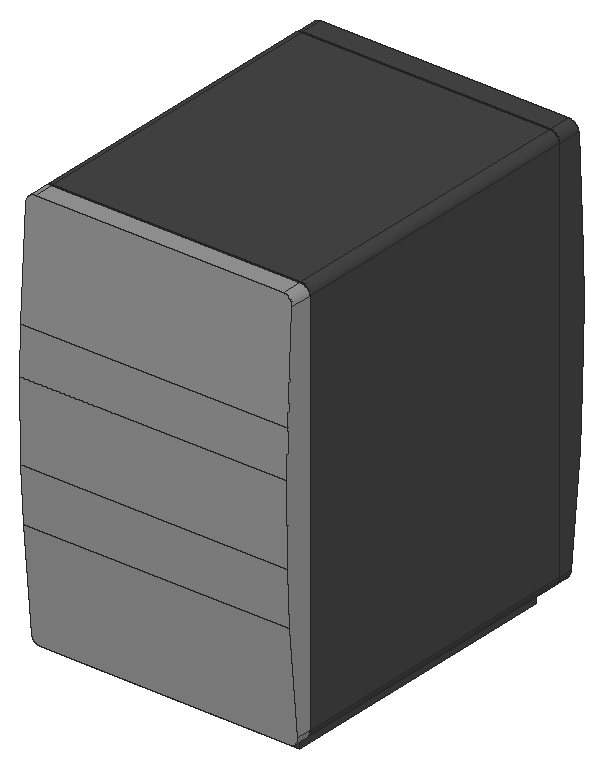
Revit family "Franke_Under_table_refrigerator_UT12_CM-A1000_FM_CM(JP)", category Specialty Equipment, Revit 2015
Parameters (values of type "Under table refrigerator UT12 CM-A1000 FM CM(100V/anthracite/JP)")
  Volts max. = 0 V
  URL = "https://www.franke.com/main/en/cs/products/product-search.html"
  Depth (mm) = 475 mm
  Temperature range = "+ 3° to + 8°"
  Volts min. = 100 V
  Max Overcurrent Protection = "-"
  Cycle Alternative = 60 Hz
  Cycle = 50 Hz
  Model = "410880 - Under table refrigerator UT12 CM - A1000 FM CM"
  Milk storage = "12 l"
  Current consumption = 1.7 A
  Cost = 0
  Height (mm) = 544 mm
  Manufacturer = "Franke"
  Energy loss acc. to DIN 18873 = "0.783 kWh/24 h - 230 V"
  Width (mm) = 340 mm
  Description = "key module Under table refrigerator UT12 for storage of cooled milk"
  Assembly Code = "key module Under table refrigerator UT12"
  Keynote = "key module Under table refrigerator UT12"
  Weight = "26 kg"
  Number of Poles = 1
  Number of Protective Conductors = "1"
  Number of Nutral Conductors = "1"
  Frontcover = Franke Anthracite
Types (3, lengths in mm): name | Frontcover
  (no name) | Franke Anthracite
  Under table refrigerator UT12 CM-A1000 FM CM(100V/black line/JP) | Franke Black
  Under table refrigerator UT12 CM-A1000 FM CM(100V/anthracite/JP) | Franke Anthracite
Reference planes
  plane 1 "Mitte (Vorne/Hinten)": y = 0
  plane 2: z = 0
  plane 3 "Mitte (Links/Rechts)": x = 0
Forms (mm)
  Extrusion 1, solid, material "Franke Black"
    sketch origin (0, 0, -42) x (1, 0, 0) y (0, 0, 1)
      loop
        arc (-170, 78) -> (-166.485, 69.515) -> (-158, 66) r 12
        line (-158, 66) -> (158, 66)
        arc (158, 66) -> (166.485, 69.515) -> (170, 78) r 12
        line (170, 78) -> (170, 574)
        arc (170, 574) -> (166.485, 582.485) -> (158, 586) r 12
        line (158, 586) -> (-158, 586)
        arc (-158, 586) -> (-166.485, 582.485) -> (-170, 574) r 12
        line (-170, 574) -> (-170, 78)
    from -198.03 to 198.03
  Extrusion 2, solid, material "Franke Black"
    sketch origin (0, 0, -42) x (0, 1, 0) y (0, 0, 1)
      loop
        line (186.97, 66) -> (-188.03, 66) -> (-188.03, 46) -> (186.97, 46) -> (186.97, 66)
    from -149 to 149
  Extrusion 3, solid, material "Franke Black"
    sketch origin (0, 0, -42) x (1, 0, 0) y (0, 1, 0)
      loop
        line (-139, 119.911) -> (-139, 96.511) -> (-120.3, 96.511) -> (-120.3, 119.911) -> (-139, 119.911)
      loop
        line (120.3, 119.911) -> (120.3, 96.511) -> (139, 96.511) -> (139, 119.911) -> (120.3, 119.911)
      loop
        line (120.3, -95.689) -> (120.3, -119.089) -> (139, -119.089) -> (139, -95.689) -> (120.3, -95.689)
      loop
        line (-139, -95.689) -> (-139, -119.089) -> (-120.3, -119.089) -> (-120.3, -95.689) -> (-139, -95.689)
    from 42 to 46
  Extrusion 4, void
    sketch origin (0, 0, -42) x (1, 0, 0) y (0, 1, 0)
      loop
        circle (-127.5, 166.47) r 16
      loop
        circle (-127.5, -166.13) r 16
      loop
        circle (127.5, 166.47) r 16
      loop
        circle (127.5, -166.13) r 16
    from 16.904 to 51
  Extrusion 5, solid, material "Franke Anthracite" <- "Frontcover"
    sketch origin (0, 0, -42) x (0, 1, 0) y (0, 0, 1)
      loop
        line (-199.53, 586) -> (-226.03, 586)
        arc (-226.03, 586) -> (-230.938, 512.688) -> (-234.804, 439.314) r 5166.525
        arc (-234.804, 439.314) -> (-235.718, 409.388) -> (-235.736, 379.448) r 1000
        arc (-235.736, 379.448) -> (-234.928, 328.403) -> (-233.97, 277.36) r 17389.365
        arc (-233.97, 277.36) -> (-232.66, 242.583) -> (-230.141, 207.872) r 1000
        arc (-230.141, 207.872) -> (-223.415, 136.903) -> (-216.03, 66) r 7668.804
        line (-216.03, 66) -> (-199.53, 66) -> (-199.53, 586)
    from -170 to 170
  Extrusion 6, solid, material "Franke Black"
    sketch origin (0, 0, -42) x (0, 1, 0) y (0, 0, 1)
      loop
        line (228.03, 586) -> (199.53, 586) -> (199.53, 66) -> (216.03, 66)
        arc (216.03, 66) -> (223.625, 137.651) -> (230.787, 209.347) r 11934.303
        arc (230.787, 209.347) -> (233.53, 243.904) -> (235.074, 278.535) r 1000
        arc (235.074, 278.535) -> (236.278, 326.896) -> (237.256, 375.262) r 10374.963
        arc (237.256, 375.262) -> (237.334, 405.934) -> (236.472, 436.595) r 1000
        arc (236.472, 436.595) -> (232.736, 511.325) -> (228.03, 586) r 5764.394
    from -170 to 170
  Extrusion 7, solid, material "Franke Black"
    sketch origin (0, 0, -42) x (1, 0, 0) y (0, 0, 1)
      loop
        line (-120, 576) -> (-120, 66) -> (120, 66) -> (120, 576) -> (-120, 576)
    from 198.03 to 199.53
  Extrusion 8, solid, material "Franke Black"
    sketch origin (0, 397.56, -42) x (1, 0, 0) y (0, 0, 1)
      loop
        line (-120, 576) -> (-120, 66) -> (120, 66) -> (120, 576) -> (-120, 576)
    from 198.03 to 199.53
  Extrusion 9, void
    sketch origin (0, 0, -42) x (1, 0, 0) y (0, 0, 1)
      loop
        line (-158, 586) -> (-158, 596) -> (-180, 596) -> (-180, 574) -> (-170, 574)
        arc (-170, 574) -> (-166.485, 582.485) -> (-158, 586) r 12
      loop
        arc (158, 586) -> (166.485, 582.485) -> (170, 574) r 12
        line (170, 574) -> (180, 574) -> (180, 596) -> (158, 596) -> (158, 586)
      loop
        arc (-158, 66) -> (-166.485, 69.515) -> (-170, 78) r 12
        line (-170, 78) -> (-180, 78) -> (-180, 56) -> (-158, 56) -> (-158, 66)
      loop
        line (158, 66) -> (158, 56) -> (180, 56) -> (180, 78) -> (170, 78)
        arc (170, 78) -> (166.485, 69.515) -> (158, 66) r 12
    from -296.752 to 350.669
  Extrusion 10, solid, material "Franke Black"
    sketch origin (0, 0, 0) x (1, 0, 0) y (0, 1, 0)
      loop
        circle (0, 140.802) r 2.5
    from 0 to 4
Cuts and joins
  Extrusion 4 cuts Extrusion 2
  Extrusion 9 cuts Extrusion 5
  Extrusion 9 cuts Extrusion 6
Dimensions and locks
  aligned and locked: level to plane 2
Connectors
  electrical at (0, 140.802, 0), driven by "Volts min.", driven by "Number of Poles"
    settings: on Extrusion 10, index 1, voltage 100 V, apparent load 0 VA, apparent load phase1 0 VA, apparent load phase2 0 VA, apparent load phase3 0 VA, power factor 1, load classification "Strom", number of poles 1, system type 31, power factor state 1, is connector primary yes, connector utility no, sub classification motor no, connector description ""
